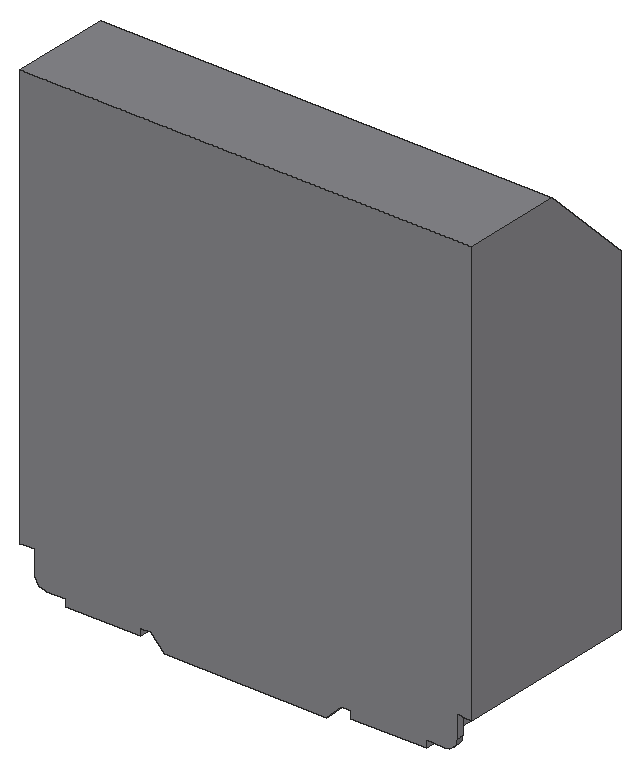
Revit family "FSR_Raceway_SW-WF-LP", category Electrical Fixtures, Revit 2026
Family settings
  Round Connector Dimension = Use Diameter
  Part Type = Normal
  Classification Number = 23.80.00.00
  Work Plane-Based = No
  Always vertical = Yes
  Cut with Voids When Loaded = No
  Maintain Annotation Orientation = No
  Shared = No
  Room Calculation Point = No
Parameters
  Manufacturer = "https://www.arcat.com/arcatcos/cos40/arc40389.html"  # constant formula
  Default Elevation = 0.00"
Reference planes (in)
  plane 1 "Center (Front/Back)": y = 0
  plane 2: z = 0
  plane 3 "Center (Left/Right)": x = 0
  plane 4: y = 2.48
  plane 5: z = 4.71
  plane 6: y = 1.85
Forms (in)
  Extrusion 1, solid, material "ARCAT - FSR - Raceway - Accessory"
    sketch origin (0, 0, 0) x (0, 1, 0) y (0, 0, 1)
      loop
        line (1.85, 3.86) -> (1, 4.71) -> (0, 4.71) -> (0, 0.46) -> (1.85, 0.46) -> (1.85, 3.86)
    from -2.25 to 2.25
  Extrusion 2, void
    sketch origin (0, 0, 0) x (1, 0, 0) y (0, 0, 1)
      loop
        line (2.182, 0.48205) -> (0.15417, 0.58123)
        arc (0.15417, 0.58123) -> (0, 0.585) -> (-0.15417, 0.58123) r 3.156
        line (-0.15417, 0.58123) -> (-2.182, 0.48205) -> (-2.38348, 0.4722) -> (-2.38348, -0.04) -> (2.38348, -0.04) -> (2.38348, 0.4722) -> (2.182, 0.48205)
    from -3.83354 to 0.59484
  Extrusion 3, solid, material "ARCAT - FSR - Raceway - Accessory"
    sketch origin (0, 0, 0) x (1, 0, 0) y (0, 0, 1)
      loop
        line (1.045, 0.075) -> (1.799, 0.075) -> (1.799, 0.135) -> (1.045, 0.135) -> (1.045, 0.075)
      loop
        line (-1.799, 0.075) -> (-1.045, 0.075) -> (-1.045, 0.135) -> (-1.799, 0.135) -> (-1.799, 0.075)
    from -1.125 to -0.06
  Extrusion 4, solid, material "ARCAT - FSR - Raceway - Accessory"
    sketch origin (0, 0, 0) x (1, 0, 0) y (0, 0, 1)
      loop
        line (2.1068, 0.60375) -> (-2.1068, 0.60375) -> (-2.1068, 0.27)
        arc (-2.1068, 0.27) -> (-2.07019, 0.18161) -> (-1.9818, 0.145) r 0.125
        line (-1.9818, 0.145) -> (-1.799, 0.143) -> (-1.799, 0.075) -> (-1.045, 0.075) -> (-1.045, 0.145) -> (-0.952, 0.145) -> (-0.807, 0) -> (0.807, 0) -> (0.952, 0.145) -> (1.045, 0.145) -> (1.045, 0.075) -> (1.799, 0.075) -> (1.799, 0.145) -> (1.9818, 0.145)
        arc (1.9818, 0.145) -> (2.07019, 0.18161) -> (2.1068, 0.27) r 0.125
        line (2.1068, 0.27) -> (2.1068, 0.60375)
    from -0.06 to 0
  Extrusion 5, solid, material "ARCAT - FSR - Raceway - Accessory"
    sketch origin (0, 0, 0) x (1, 0, 0) y (0, 1, 0)
      loop
        arc (-0.5791, 2.657) -> (-0.66748, 2.62039) -> (-0.7041, 2.532) r 0.125
        line (-0.7041, 2.532) -> (-0.7041, 0.06) -> (0.7041, 0.06) -> (0.7041, 2.532)
        arc (0.7041, 2.532) -> (0.66748, 2.62039) -> (0.5791, 2.657) r 0.125
        line (0.5791, 2.657) -> (-0.5791, 2.657)
    from 0.365 to 0.415
  Extrusion 6, void
    sketch origin (0, 0, 0) x (0, 1, 0) y (0, 0, 1)
      loop
        line (1.786, 3.83515) -> (0.97115, 4.65) -> (0.06, 4.65) -> (0.06, 0.46) -> (1.786, 0.46) -> (1.786, 3.83515)
    from -2.19 to 2.19
Cuts and joins
  Extrusion 2, Extrusion 6 cuts Extrusion 1
  Extrusion 6 cuts Extrusion 3
  Extrusion 6 cuts Extrusion 4
  Extrusion 6 cuts Extrusion 5
  joined: Extrusion 1, Extrusion 3, Extrusion 4, Extrusion 5
Dimensions and locks (in)
  aligned and locked: level to plane 2
